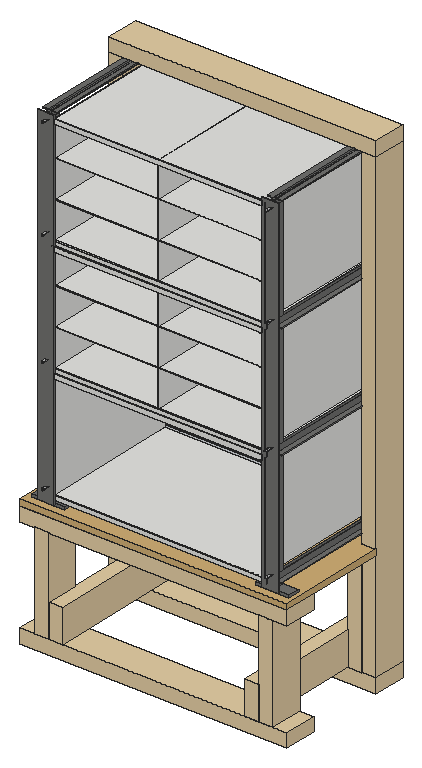
Revit family "Mailboxes_Aluminum-Data_Distribution_System-Salsbury_Industries-3_Unit_High_Wall_Installation", category Specialty Equipment, host Wall, Revit 2016 (continued)
Definition of nested family "Data Distribution Mailbox Units"
  Types (5): name | Void 2 Offset | Void 1 Offset | Visible | Top Inner Divider | Rear Overhang | Model | Horizontal Dividers 1 and 3 | Horizontal Dividers | Door Location D8 | Door Location D7 | Door Location D6 | Door Location D5 | Door Location D4 | Door Location D3 | Door Location D2 | Door Location D1 | Divider 3 | Description
    2401 | 6.200" | 6.200" | yes | yes | yes | "2401" | no | no | Data Distribution #1,2,3 Doors : None | Data Distribution #1,2,3 Doors : None | Data Distribution #4 Door : #4 Door | Data Distribution #1,2,3 Doors : None | Data Distribution #1,2,3 Doors : None | Data Distribution #1,2,3 Doors : None | Data Distribution #1,2,3 Doors : None | Data Distribution #1,2,3 Doors : None | no | "Data Distribution System - (1) #4 Door"
    2406 | 6.200" | 6.200" | yes | no | yes | "2406" | yes | no | Data Distribution #1,2,3 Doors : None | Data Distribution #1,2,3 Doors : None | Data Distribution #1,2,3 Doors : #1 Door | Data Distribution #1,2,3 Doors : #1 Door | Data Distribution #1,2,3 Doors : #1 Door | Data Distribution #1,2,3 Doors : #1 Door | Data Distribution #1,2,3 Doors : #1 Door | Data Distribution #1,2,3 Doors : #1 Door | yes | "Data Distribution System - (6) #1 Doors"
  Reference planes (in)
    plane 1 "Center (Front/Back)": y = 0
    plane 2 "Bottom": z = 0
    plane 3 "Center (Left/Right)": x = 0
    plane 4 "Left": x = -11.625
    plane 5 "Right": x = 11.625
    plane 6 "Front": y = -7.75
    plane 7 "Back": y = 7.75
    plane 8 "Vertical Center": z = 6.094
    plane 9 "Top": z = 12.188
    plane 10: y = -7.625
    plane 11 "Door Align-Back of Door": y = -7.09375
    plane 12 "Back Edge of Top Trim": y = -6.21875
    plane 13 "Front Edge of Side Panels": y = -6.8125
    plane 14 "Back Edge of Side Panels": y = 7.625
    plane 15: y = -7.563
    plane 16: y = -7.063
    plane 17 "Back Edge of Bottom Trim": y = -6.1255
    plane 18: z = 0.125
    plane 19: z = 0.0625
    plane 20 "Bottom Trim Height": z = 0.25
    plane 21 "Top Trim Height": z = 11.8755
    plane 22: z = 12.03175
    plane 23: z = 12.063
    plane 24 "Right Side Trim Alignment-Top and Bottom Trim": x = 11.25
    plane 25 "Inner Right Side of Trim": x = 11.09375
    plane 26 "Right Wall of Enclsosure": x = 11.0625
    plane 27: y = -7.5
    plane 28: y = -7.375
    plane 29 "Back Edge of Side Trim": y = -6.3125
    plane 30 "Left Side Trim Alignment-Top and Bottom Trim": x = -11.25
    plane 31 "Trop Trim Extrusion Line": y = -7.53125
    plane 32 "Left Wall of Enclosure": x = -11.0935
    plane 33 "Top Inner Trim": z = 11.7505
    plane 34: z = -0.249
    plane 35: z = 0
    plane 36: x = -11.59375
    plane 37: x = 11.625
    plane 38 "Door Divider 3": x = 0.0005
    plane 39 "Void 1": z = 6.063
    plane 40 "Void 2 Offset": y = 13.825
    plane 41 "Bottom Compartment Section-Top Plate": z = 5.907
    plane 42 "Door Divider Offset Align": x = 11.09375
    plane 43 "Void 1 Offset": z = -0.137
    plane 44 "Void 2": y = 7.625
    plane 45 "Row 2 Divider": z = 6.188
    plane 46 "Vertical Center of Back Enclosure": z = 6.063
    plane 47 "Door Align - Row 3": z = 0.5
    plane 48 "Door Align - Row 2a": z = 6.438
    plane 49 "Vertical Door Align 6": x = 11.0625
    plane 50 "OffSet Divider Line": x = -11.0935
    plane 51 "Back of Doors": y = -7.2495
    plane 52 "Row 3 Divider": z = 4.188
    plane 53 "Door Align - Row 2": z = 4.438
    plane 54 "Row 1 Divider": z = 8.126
    plane 55 "Door Align - Row 1": z = 8.376
    plane 56: z = 11.84425
    plane 57: x = -0.03125
    plane 58: y = 7.5625
    plane 59: y = 6.6875
    plane 60: y = 6.625
    plane 61: z = 0.1875
    plane 62: z = 0.0625
    plane 63: z = 11.84425
    plane 64: z = 11.81325
    plane 65: z = 11.41742
    plane 66: z = 11.38642
    plane 67: y = 7.656
    plane 68: y = 7.719
    plane 69: y = 7.594
    plane 70: x = 11.406
    plane 71: x = -11.3745
    plane 72: z = 11.6255
    plane 73: x = -11.06225
    plane 74: z = 7.876
    plane 75: z = 5.68825
    plane 76: z = 5.93825
    plane 77: z = 6.12525
    plane 78: z = 3.938
    plane 79: y = 7.719
    plane 80: y = 7.656
    plane 81: z = 5.876
    plane 82: z = 5.469
    plane 83: z = 5.438
    plane 84: z = 11.84425
    plane 85: z = 0.28125
    plane 86: x = 0.031
    plane 87: z = 8.095
    plane 88: z = 4.157
    plane 89: z = 5.907
    plane 90: z = 6.219
    plane 91: z = 5.938
    plane 92: y = 6.625
    plane 93: x = 11.03125
  Forms (in)
    Extrusion 1, solid, material <- "Trim Material", visible <- "Visible"
      sketch origin (0, 0, 0) x (0, 1, 0) y (0, 0, 1)
        loop
          line (-7.75, 11.8755) -> (-6.21875, 11.8755) -> (-6.21875, 12.03175) -> (-7.09375, 12.03175) -> (-7.09375, 12.063) -> (-7.625, 12.063) -> (-7.625, 12.188) -> (-7.75, 12.188) -> (-7.75, 11.8755)
      from -11.25 to 11.25
    Extrusion 2, solid, material <- "Trim Material", visible <- "Visible"
      sketch origin (0, 0, 0) x (0, 1, 0) y (0, 0, 1)
        loop
          line (-6.1255, 0.25) -> (-7.75, 0.25) -> (-7.75, 0.125) -> (-7.563, 0.125) -> (-7.563, 0) -> (-7.063, 0) -> (-7.063, 0.0625) -> (-6.1255, 0.0625) -> (-6.1255, 0.25)
      from -11.625 to 11.625
    Extrusion 3, solid, material <- "Trim Material", visible <- "Visible"
      sketch origin (0, 0, 6.094) x (0, -1, 0) y (1, 0, 0)
        loop
          line (7.5, 11.625) -> (7.375, 11.625) -> (7.375, 11.25) -> (6.3125, 11.25) -> (6.3125, 11.09375) -> (7.75, 11.09375) -> (7.75, 11.25) -> (7.5, 11.25) -> (7.5, 11.625)
      from -5.844 to 5.7815
    Extrusion 4, void
      sketch origin (0, 0, 0) x (1, 0, 0) y (0, 1, 0)
        loop
          line (11.625, -7.75) -> (11.625, -7.5) -> (11.25, -7.5) -> (11.25, -7.75) -> (11.625, -7.75)
      from 0 to 0.25
    Extrusion 5, solid, material <- "Trim Material", visible <- "Visible"
      sketch origin (0, 0, 6.094) x (0, -1, 0) y (1, 0, 0)
        loop
          line (7.5, -11.625) -> (7.5, -11.25) -> (7.75, -11.25) -> (7.75, -11.0935) -> (6.3125, -11.0935) -> (6.3125, -11.25) -> (7.375, -11.25) -> (7.375, -11.625) -> (7.5, -11.625)
      from -5.844 to 5.7815
    Extrusion 6, void
      sketch origin (0, 0, 0) x (-1, 0, 0) y (0, -1, 0)
        loop
          line (11.625, 7.75) -> (11.25, 7.75) -> (11.25, 7.5) -> (11.625, 7.5) -> (11.625, 7.75)
      from 0 to 0.25
    Extrusion 7, void
      sketch origin (0, 0, 0) x (0, 1, 0) y (0, 0, 1)
        loop
          line (-7.75, 11.8755) -> (-7.53125, 11.8755) -> (-7.53125, 12.03175) -> (-7.75, 12.03175) -> (-7.75, 11.8755)
      from -11.0935 to 11.09375
    Sweep 8, solid, material <- "Back Enclosure Material", visible <- "Visible"
      path origin (0, 0, 0) x (1, 0, 0) y (0, 0, 1)
        loop
          line (-11.0935, 11.8755) -> (-11.0935, 0.25) -> (11.0625, 0.25) -> (11.0625, 11.8755) -> (-11.0935, 11.8755)
      profile origin (-0.0155, 0, 11.8755) x (0, 0, 1) y (0, -1, 0)
        loop
          line (0, 7.09375) -> (-0.03125, 7.09375) -> (-0.03125, -7.625) -> (0, -7.625) -> (0, 7.09375)
    Extrusion 9, solid, material <- "Back Enclosure Material", visible <- "Rear Overhang"
      sketch origin (0, 0, 0) x (0, 1, 0) y (0, 0, 1)
        loop
          line (7.625, 11.8755) -> (7.625, 11.84425) -> (7.719, 11.84425) -> (7.719, 11.41742) -> (7.656, 11.41742) -> (7.656, 11.81325) -> (7.625, 11.81325) -> (7.625, 11.38642) -> (7.75, 11.38642) -> (7.75, 11.8755) -> (7.625, 11.8755)
      from -11.0935 to 11.03125
    Extrusion 10, solid, material <- "Back Enclosure Material", visible <- "Visible"
      sketch origin (0, 0, 0) x (0, 1, 0) y (0, 0, 1)
        loop
          line (7.625, 0.25) -> (6.625, 0.25) -> (6.625, 0.0625) -> (6.6875, 0.0625) -> (6.6875, 0.1875) -> (7.5625, 0.1875) -> (7.5625, -0.249) -> (7.625, -0.249) -> (7.625, 0.25)
      from -11.59375 to 11.625
    Extrusion 11, void
      sketch origin (0, 0, -0.137) x (0, -1, 0) y (1, 0, 0)
        loop
          line (-7.625, -11.0935) -> (7.563, -11.0935) -> (7.563, 11.09375) -> (-7.625, 11.09375) -> (-7.625, -11.0935)
      from -0.125 to 0.125
    Extrusion 12, void
      sketch origin (0, 13.825, 0) x (0, 0, -1) y (1, 0, 0)
        loop
          line (-6.438, 11.406) -> (-6.438, 11.0625) -> (-5.907, 11.0625) -> (-5.907, 11.406) -> (-6.438, 11.406)
        loop
          line (-6.438, -11.0935) -> (-6.438, -11.375) -> (-5.907, -11.375) -> (-5.907, -11.0935) -> (-6.438, -11.0935)
      from 0 to 0.031
    Extrusion 13, solid, material <- "Back Enclosure Material", visible <- "Horizontal Dividers"
      sketch origin (0, 0, -5.8595) x (0, 1, 0) y (0, 0, 1)
        loop
          line (7.625, 11.79775) -> (7.625, 12.0475) -> (7.594, 12.0475) -> (7.594, 11.7665) -> (7.719, 11.7665) -> (7.719, 11.3285) -> (7.656, 11.3285) -> (7.656, 11.7355) -> (7.625, 11.7355) -> (7.625, 11.2975) -> (7.75, 11.2975) -> (7.75, 11.79775) -> (7.625, 11.79775)
      from -11.0935 to 11.03125
    Extrusion 14, solid, material <- "Back Enclosure Material", visible <- "Horizontal Dividers"
      sketch origin (0, 0, 5.907) x (1, 0, 0) y (0, 1, 0)
        loop
          line (-11.06225, 7.625) -> (-11.06225, -7.09375) -> (11.09375, -7.09375) -> (11.09375, 7.625) -> (-11.06225, 7.625)
      from 0 to 0.031
    Extrusion 15, solid, material <- "Back Enclosure Material", visible <- "Horizontal Dividers"
      sketch origin (0, 0, 6.219) x (1, 0, 0) y (0, 1, 0)
        loop
          line (-11.06225, 7.625) -> (-11.06225, -7.09375) -> (11.03125, -7.09375) -> (11.03125, 7.625) -> (-11.06225, 7.625)
      from 0 to -0.031
    Extrusion 16, solid, material <- "Trim Material", visible <- "Horizontal Dividers"
      sketch origin (0, 0, 0) x (0, 1, 0) y (0, 0, 1)
        loop
          line (-6.3125, 5.93825) -> (-6.3125, 6.188) -> (-7.75, 6.188) -> (-7.75, 6.12525) -> (-7.53125, 6.12525) -> (-7.53125, 5.93825) -> (-6.3125, 5.93825)
      from -11.0935 to 11.09375
    Extrusion 17, solid, material <- "Back Enclosure Material", visible <- "Divider 3"
      sketch origin (0.0005, 0, 0) x (0, 0, -1) y (0, -1, 0)
        loop
          line (-11.84425, 7.09375) -> (-11.84425, -7.625) -> (-0.28125, -7.625) -> (-0.28125, 7.09375) -> (-11.84425, 7.09375)
      from 0.03175 to -0.0305
    Extrusion 18, solid, material <- "Back Enclosure Material", visible <- "Visible"
      sketch origin (11.09375, 0, 0) x (0, -1, 0) y (0, 0, 1)
        loop
          line (-7.594, 11.8755) -> (-7.625, 11.8755) -> (-7.625, 0.25) -> (-7.594, 0.25) -> (-7.594, 11.8755)
      from -0.31225 to 0.03125
    Extrusion 19, solid, visible <- "Visible"
      sketch origin (-11.0935, 0, 0) x (0, 0, -1) y (0, -1, 0)
        loop
          line (-11.8755, -7.594) -> (-11.8755, -7.625) -> (-0.25, -7.625) -> (-0.25, -7.594) -> (-11.8755, -7.594)
      from 0.281 to 0
    Extrusion 20, solid, material <- "Front Panel Material", visible <- "Visible"
      sketch origin (0, 0, 0.25) x (0, -1, 0) y (1, 0, 0)
        loop
          line (7.09375, -11.0935) -> (7.75, -11.0935) -> (7.75, 11.09375) -> (7.09375, 11.09375) -> (7.09375, -11.0935)
      from 0 to 0.25
    Extrusion 21, solid, material <- "Front Panel Material", visible <- "Horizontal Dividers"
      sketch origin (0, 0, 6.188) x (0, -1, 0) y (1, 0, 0)
        loop
          line (7.09375, -11.0935) -> (7.75, -11.0935) -> (7.75, 11.09375) -> (7.09375, 11.09375) -> (7.09375, -11.0935)
      from 0 to 0.25
    Extrusion 22, solid, material <- "Front Panel Material", visible <- "Visible"
      sketch origin (0, -7.09375, 0.03125) x (0, 0, -1) y (1, 0, 0)
        loop
          line (-11.84425, -11.06225) -> (-11.59425, -11.06225) -> (-11.59425, 11.0625) -> (-11.84425, 11.0625) -> (-11.84425, -11.06225)
      from 0 to 0.15575
    Extrusion 23, solid, material <- "Front Panel Material", visible <- "Horizontal Dividers"
      sketch origin (0, -7.09375, -5.906) x (0, 0, -1) y (1, 0, 0)
        loop
          line (-11.84425, -11.06225) -> (-11.59425, -11.06225) -> (-11.59425, 11.0625) -> (-11.84425, 11.0625) -> (-11.84425, -11.06225)
      from 0 to 0.15575
    Extrusion 24, solid, material <- "Front Panel Material", visible <- "Top Inner Divider"
      sketch origin (0, 0, 11.7505) x (1, 0, 0) y (0, 1, 0)
        loop
          line (-11.0935, -7.09375) -> (-11.0935, -7.75) -> (11.09375, -7.75) -> (11.09375, -7.09375) -> (-11.0935, -7.09375)
      from 0.28125 to 0.125
    Extrusion 25, solid, material <- "Front Panel Material", visible <- "Horizontal Dividers 1 and 3"
      sketch origin (0, 0, 4.188) x (0, -1, 0) y (1, 0, 0)
        loop
          line (7.09375, -11.0935) -> (7.75, -11.0935) -> (7.75, 11.09375) -> (7.09375, 11.09375) -> (7.09375, -11.0935)
      from 0.25 to 0
    Extrusion 26, solid, material <- "Front Panel Material", visible <- "Horizontal Dividers 1 and 3"
      sketch origin (0, -7.09375, -7.65625) x (0, 0, -1) y (1, 0, 0)
        loop
          line (-11.84425, -11.06225) -> (-11.59425, -11.06225) -> (-11.59425, 11.0625) -> (-11.84425, 11.0625) -> (-11.84425, -11.06225)
      from 0 to 0.15575
    Extrusion 27, solid, material <- "Front Panel Material", visible <- "Horizontal Dividers 1 and 3"
      sketch origin (0, -7.09375, -3.71825) x (0, 0, -1) y (1, 0, 0)
        loop
          line (-11.84425, -11.06225) -> (-11.59425, -11.06225) -> (-11.59425, 11.0625) -> (-11.84425, 11.0625) -> (-11.84425, -11.06225)
      from 0 to 0.15575
    Extrusion 28, solid, material <- "Front Panel Material", visible <- "Horizontal Dividers 1 and 3"
      sketch origin (0, 0, 8.126) x (0, -1, 0) y (1, 0, 0)
        loop
          line (7.09375, -11.0935) -> (7.75, -11.0935) -> (7.75, 11.09375) -> (7.09375, 11.09375) -> (7.09375, -11.0935)
      from 0.25 to 0
    Extrusion 29, solid, material <- "Back Enclosure Material", visible <- "Horizontal Dividers 1 and 3"
      sketch origin (0, 0, 8.126) x (0, -1, 0) y (1, 0, 0)
        loop
          line (-7.625, -11.06225) -> (7.09375, -11.06225) -> (7.09375, 11.03125) -> (-7.625, 11.03125) -> (-7.625, -11.06225)
      from 0 to -0.031
    Extrusion 30, solid, material <- "Back Enclosure Material", visible <- "Horizontal Dividers 1 and 3"
      sketch origin (0, 0, 4.188) x (0, -1, 0) y (1, 0, 0)
        loop
          line (-7.625, -11.06225) -> (7.09375, -11.06225) -> (7.09375, 11.03125) -> (-7.625, 11.03125) -> (-7.625, -11.06225)
      from 0 to -0.031
  Cuts and joins
    Extrusion 4, Extrusion 7 cuts Extrusion 1
    Extrusion 4, Extrusion 6 cuts Extrusion 2
    Extrusion 4, Extrusion 7 cuts Extrusion 3
    Extrusion 11, Extrusion 12 cuts Sweep 8
    Extrusion 11 cuts Extrusion 17
    Extrusion 12 cuts Extrusion 18
    Extrusion 12 cuts Extrusion 19
  Lines and regions (in)
    symbolic lines
      curve 1: line (-11.25, -7.2495, 12.188) -> (11.25, -7.2495, 12.188)
      curve 2: line (-11.25, -7.2495, 11.8755) -> (-11.25, -7.2495, 12.188)
      curve 3: line (11.25, -7.2495, 11.8755) -> (-11.25, -7.2495, 11.8755)
      curve 4: line (11.25, -7.2495, 12.188) -> (11.25, -7.2495, 11.8755)
      curve 5: line (-11.625, -7.2495, 11.8755) -> (-11.25, -7.2495, 11.8755)
      curve 6: line (-11.625, -7.2495, 0) -> (-11.625, -7.2495, 11.8755)
      curve 7: line (-11.0935, -7.2495, 0) -> (-11.625, -7.2495, 0)
      curve 8: line (-11.0935, -7.2495, 11.8755) -> (-11.0935, -7.2495, 0)
      curve 9: line (11.25, -7.2495, 11.8755) -> (11.625, -7.2495, 11.8755)
      curve 10: line (11.09375, -7.2495, 0.25) -> (11.09375, -7.2495, 11.8755)
      curve 11: line (11.625, -7.2495, 0.25) -> (11.09375, -7.2495, 0.25)
      curve 12: line (11.625, -7.2495, 11.8755) -> (11.625, -7.2495, 0.25)
      curve 13: line (-11.0935, -7.2495, 0.25) -> (11.09375, -7.2495, 0.25)
      curve 14: line (-11.625, -7.2495, 0) -> (-11.625, -7.2495, 0.25)
      curve 15: line (11.625, -7.2495, 0) -> (-11.625, -7.2495, 0)
      curve 16: line (11.625, -7.2495, 0.25) -> (11.625, -7.2495, 0)
      curve 17: line (-11.0935, 7.75, 0.25) -> (11.09375, 7.75, 0.25)
      curve 18: line (-11.0935, -6.21875, 0.25) -> (-11.0935, 7.75, 0.25)
      curve 19: line (11.09375, 7.75, 0.25) -> (11.09375, -6.21875, 0.25)
      curve 20: line (-11.25, -6.21875, 0.25) -> (11.25, -6.21875, 0.25)
      curve 21: line (-11.25, -7.75, 0.25) -> (-11.25, -6.21875, 0.25)
      curve 22: line (11.25, -7.75, 0.25) -> (-11.25, -7.75, 0.25)
      curve 23: line (11.25, -6.21875, 0.25) -> (11.25, -7.75, 0.25)
      curve 24: line (11.09375, 7.625, 0.25) -> (11.625, 7.625, 0.25)
      curve 25: line (11.625, 6.625, 0.25) -> (11.09375, 6.625, 0.25)
      curve 26: line (11.625, 7.625, 0.25) -> (11.625, 6.625, 0.25)
      curve 27: line (-11.59375, 7.625, 0.25) -> (-11.0935, 7.625, 0.25)
      curve 28: line (-11.59375, 6.625, 0.25) -> (-11.59375, 7.625, 0.25)
      curve 29: line (-11.0935, 6.625, 0.25) -> (-11.59375, 6.625, 0.25)
      curve 30: line (11.09375, -6.1255, 0.25) -> (11.625, -6.1255, 0.25)
      curve 31: line (11.625, -7.5, 0.25) -> (11.25, -7.5, 0.25)
      curve 32: line (11.625, -6.1255, 0.25) -> (11.625, -7.5, 0.25)
      curve 33: line (-11.625, -6.1255, 0.25) -> (-11.0935, -6.1255, 0.25)
      curve 34: line (-11.625, -7.5, 0.25) -> (-11.625, -6.1255, 0.25)
      curve 35: line (-11.25, -7.5, 0.25) -> (-11.625, -7.5, 0.25)
      curve 36: line (0.0005, -6.21875, 11.8755) -> (0.0005, 7.625, 11.8755)
      curve 37: line (0.0005, -6.21875, 0.25) -> (0.0005, -6.21875, 11.8755)
      curve 38: line (0.0005, 7.625, 0.25) -> (0.0005, -6.21875, 0.25)
      curve 39: line (0.0005, 7.625, 11.8755) -> (0.0005, 7.625, 0.25)
      curve 40: line (0.0005, -7.75, 12.188) -> (0.0005, -7.75, 0.125)
      curve 41: line (0.0005, -7.75, 12.188) -> (0.0005, -7.625, 12.188)
      curve 42: line (0.0005, -7.625, 12.188) -> (0.0005, -7.625, 12.063)
      curve 43: line (0.0005, -7.625, 12.063) -> (0.0005, -7.09375, 12.063)
      curve 44: line (0.0005, -7.09375, 12.063) -> (0.0005, -7.09375, 12.03175)
      curve 45: line (0.0005, -7.09375, 12.03175) -> (0.0005, -6.21875, 12.03175)
      curve 46: line (0.0005, -6.21875, 12.03175) -> (0.0005, -6.21875, 11.8755)
      curve 47: line (0.0005, -7.75, 0.125) -> (0.0005, -7.563, 0.125)
      curve 48: line (0.0005, -7.563, 0.125) -> (0.0005, -7.563, 0)
      curve 49: line (0.0005, -7.563, 0) -> (0.0005, -7.063, 0)
      curve 50: line (0.0005, -7.063, 0) -> (0.0005, -7.063, 0.0625)
      curve 51: line (0.0005, -7.063, 0.0625) -> (0.0005, -6.1255, 0.0625)
      curve 52: line (0.0005, -6.1255, 0.0625) -> (0.0005, -6.1255, 0.25)
  Dimensions and locks (in)
    plane 6 "Front" to plane 1 "Center (Front/Back)" to plane 7 "Back" = 7.750", 7.750"
    "Depth": plane 6 "Front" to plane 7 "Back"
    equal spacing: plane 4 "Left", plane 3 "Center (Left/Right)", plane 5 "Right"
    "Width": plane 4 "Left" to plane 5 "Right"
    equal spacing: plane 9 "Top", plane 8 "Vertical Center", plane 2 "Bottom"
    "Height": plane 9 "Top" to plane 2 "Bottom"
    plane 6 "Front" to plane 10 to plane 11 "Door Align-Back of Door" to plane 12 "Back Edge of Top Trim" = 0.125", 0.53125", 0.875"
    plane 14 "Back Edge of Side Panels" to plane 7 "Back" = 0.125"
    plane 6 "Front" to plane 13 "Front Edge of Side Panels" = 0.9375"
    plane 6 "Front" to plane 15 to plane 16 to plane 17 "Back Edge of Bottom Trim" = 0.187", 0.500", 0.9375"
    plane 18 to plane 2 "Bottom" = 0.125"
    plane 19 to plane 2 "Bottom" = 0.0625"
    plane 20 "Bottom Trim Height" to plane 2 "Bottom" = 0.250"
    plane 9 "Top" to plane 21 "Top Trim Height" = 0.3125"
    plane 22 to plane 9 "Top" = 0.15625"
    plane 23 to plane 9 "Top" = 0.125"
    plane 25 "Inner Right Side of Trim" to plane 24 "Right Side Trim Alignment-Top and Bottom Trim" to plane 5 "Right" = 0.15625", 0.375"
    plane 6 "Front" to plane 27 to plane 28 = 0.250", 0.125"
    plane 6 "Front" to plane 29 "Back Edge of Side Trim" = 1.4375"
    plane 4 "Left" to plane 30 "Left Side Trim Alignment-Top and Bottom Trim" = 0.375"
    Extrusion 3 to plane 5 "Right" = 0.375"
    plane 6 "Front" to plane 31 "Trop Trim Extrusion Line" = 0.21875"
    plane 33 "Top Inner Trim" to plane 21 "Top Trim Height" = 0.125"
    plane 34 to plane 35 to plane 20 "Bottom Trim Height" = 0.249", 0.250"
    plane 8 "Vertical Center" to plane 39 "Void 1" = 0.031"
    "Void 2 Offset": plane 14 "Back Edge of Side Panels" to plane 40 "Void 2 Offset"
    plane 32 "Left Wall of Enclosure" to plane 38 "Door Divider 3" = 11.094"
    plane 32 "Left Wall of Enclosure" to plane 26 "Right Wall of Enclsosure" = 22.156"
    "Void 1 Offset": plane 43 "Void 1 Offset" to plane 39 "Void 1"
    plane 45 "Row 2 Divider" to plane 8 "Vertical Center" = 0.094"
    plane 41 "Bottom Compartment Section-Top Plate" to plane 8 "Vertical Center" to plane 45 "Row 2 Divider" = 0.187", 0.094"
    plane 53 "Door Align - Row 2" to plane 52 "Row 3 Divider" = 0.250"
    plane 55 "Door Align - Row 1" to plane 54 "Row 1 Divider" to plane 87 = 0.250", 0.031"
    plane 56 to plane 21 "Top Trim Height" = 0.03125"
    plane 86 to plane 3 "Center (Left/Right)" to plane 57 = 0.031", 0.03125" locked
    plane 60 to plane 59 to plane 58 to plane 14 "Back Edge of Side Panels" = 0.0625", 0.875", 0.0625"
    plane 34 to plane 62 to plane 61 = 0.3115", 0.125"
    plane 66 to plane 65 to plane 64 to plane 63 to plane 21 "Top Trim Height" = 0.031", 0.39583", 0.031", 0.03125"
    plane 14 "Back Edge of Side Panels" to plane 67 to plane 68 to plane 7 "Back" = 0.031", 0.063", 0.031"
    plane 69 to plane 14 "Back Edge of Side Panels" = 0.031"
    plane 21 "Top Trim Height" to plane 72 = 0.250"
    plane 54 "Row 1 Divider" to plane 74 = 0.250"
    plane 46 "Vertical Center of Back Enclosure" to plane 76 to plane 75 = 0.12475", 0.250"
    plane 45 "Row 2 Divider" to plane 77 = 0.06275"
    plane 52 "Row 3 Divider" to plane 78 = 0.250"
    plane 44 "Void 2" to plane 80 to plane 79 to plane 7 "Back" = 0.031", 0.063", 0.031"
    plane 83 to plane 82 to plane 81 to plane 41 "Bottom Compartment Section-Top Plate" = 0.031", 0.407", 0.031"
    plane 84 to plane 21 "Top Trim Height" = 0.03125"
    plane 20 "Bottom Trim Height" to plane 85 = 0.03125"
    plane 76 to plane 41 "Bottom Compartment Section-Top Plate" = 0.03125"
    plane 90 to plane 45 "Row 2 Divider" = 0.031"
    plane 91 to plane 89 = 0.031"
    plane 92 to plane 7 "Back" = 1.125"
    plane 32 "Left Wall of Enclosure" to plane 73 = 0.03125"
    plane 93 to plane 26 "Right Wall of Enclsosure" = 0.03125"
    aligned and locked: plane 2 "Bottom" to level
    aligned and locked: Extrusion 16 to plane 25 "Inner Right Side of Trim"
    aligned and locked: plane 32 "Left Wall of Enclosure" to Extrusion 13
    aligned and locked: plane 32 "Left Wall of Enclosure" to Extrusion 9
    aligned and locked: nested 3 to plane 47 "Door Align - Row 3"
    aligned and locked: nested 2 to plane 47 "Door Align - Row 3"
    aligned and locked: nested 5 to plane 48 "Door Align - Row 2a"
    aligned and locked: nested 6 to plane 48 "Door Align - Row 2a"
    aligned and locked: nested 9 to plane 48 "Door Align - Row 2a"
    aligned and locked: Extrusion 5 to plane 50 "OffSet Divider Line"
    aligned and locked: Extrusion 10 to plane 19
    aligned and locked: plane 50 "OffSet Divider Line" to Extrusion 16
    aligned and locked: plane 51 "Back of Doors" to Extrusion 22
    aligned and locked: plane 51 "Back of Doors" to nested 3
    aligned and locked: nested 3 to plane 26 "Right Wall of Enclsosure"
    aligned and locked: nested 7 to plane 26 "Right Wall of Enclsosure"
    aligned and locked: plane 51 "Back of Doors" to nested 6
    aligned and locked: plane 51 "Back of Doors" to nested 2
    aligned and locked: plane 51 "Back of Doors" to nested 9
    aligned and locked: nested 8 to plane 53 "Door Align - Row 2"
    aligned and locked: nested 7 to plane 53 "Door Align - Row 2"
    aligned and locked: plane 51 "Back of Doors" to nested 8
    aligned and locked: plane 51 "Back of Doors" to nested 7
    aligned and locked: nested 4 to plane 26 "Right Wall of Enclsosure"
    aligned and locked: nested 4 to plane 55 "Door Align - Row 1"
    aligned and locked: nested 1 to plane 55 "Door Align - Row 1"
    aligned and locked: plane 51 "Back of Doors" to nested 4
    aligned and locked: plane 51 "Back of Doors" to nested 1
    aligned and locked: plane 26 "Right Wall of Enclsosure" to nested 9
    aligned and locked: plane 21 "Top Trim Height" to Sweep 8 sketch curve  (x2)
    aligned and locked: Sweep 8 sketch curve to plane 20 "Bottom Trim Height"
    aligned and locked: Sweep 8 sketch curve to plane 32 "Left Wall of Enclosure"
    aligned and locked: Sweep 8 sketch curve to plane 11 "Door Align-Back of Door"
    aligned and locked: plane 14 "Back Edge of Side Panels" to Sweep 8 sketch curve
    aligned and locked: plane 56 to Sweep 8 sketch curve
    aligned and locked: Extrusion 1 sketch curve to plane 21 "Top Trim Height"
    aligned and locked: plane 12 "Back Edge of Top Trim" to Extrusion 1 sketch curve
    aligned and locked: plane 22 to Extrusion 1 sketch curve
    aligned and locked: plane 11 "Door Align-Back of Door" to Extrusion 1 sketch curve
    aligned and locked: plane 23 to Extrusion 1 sketch curve
    aligned and locked: plane 10 to Extrusion 1 sketch curve
    aligned and locked: Extrusion 1 sketch curve to plane 9 "Top"
    aligned and locked: Extrusion 1 sketch curve to plane 6 "Front"
    aligned and locked: cut or joined group of Extrusion 1, Extrusion 4, Extrusion 7 to plane 24 "Right Side Trim Alignment-Top and Bottom Trim"
    aligned and locked: plane 30 "Left Side Trim Alignment-Top and Bottom Trim" to cut or joined group of Extrusion 1, Extrusion 4, Extrusion 7
    aligned and locked: Extrusion 3 sketch curve to plane 25 "Inner Right Side of Trim"
    aligned and locked: plane 6 "Front" to Extrusion 3 sketch curve
    aligned and locked: plane 24 "Right Side Trim Alignment-Top and Bottom Trim" to Extrusion 3 sketch curve  (x2)
    aligned and locked: Extrusion 3 sketch curve to plane 27
    aligned and locked: Extrusion 3 sketch curve to plane 5 "Right"
    aligned and locked: Extrusion 3 sketch curve to plane 28
    aligned and locked: plane 29 "Back Edge of Side Trim" to Extrusion 3 sketch curve
    aligned and locked: cut or joined group of Extrusion 3, Extrusion 4, Extrusion 7 to plane 21 "Top Trim Height"
    aligned and locked: plane 20 "Bottom Trim Height" to cut or joined group of Extrusion 3, Extrusion 4, Extrusion 7
    aligned and locked: Extrusion 5 sketch curve to plane 32 "Left Wall of Enclosure"
    aligned and locked: plane 29 "Back Edge of Side Trim" to Extrusion 5 sketch curve
    aligned and locked: plane 30 "Left Side Trim Alignment-Top and Bottom Trim" to Extrusion 5 sketch curve  (x2)
    aligned and locked: Extrusion 5 sketch curve to plane 28
    aligned and locked: Extrusion 5 sketch curve to plane 4 "Left"
    aligned and locked: plane 27 to Extrusion 5 sketch curve
    aligned and locked: Extrusion 5 sketch curve to plane 6 "Front"
    aligned and locked: plane 20 "Bottom Trim Height" to Extrusion 5
    aligned and locked: Extrusion 5 to plane 21 "Top Trim Height"
    aligned and locked: Extrusion 2 sketch curve to plane 20 "Bottom Trim Height"
    aligned and locked: Extrusion 2 sketch curve to plane 6 "Front"
    aligned and locked: plane 18 to Extrusion 2 sketch curve
    aligned and locked: Extrusion 2 sketch curve to plane 15
    aligned and locked: Extrusion 2 sketch curve to plane 2 "Bottom"
    aligned and locked: Extrusion 2 sketch curve to plane 16
    aligned and locked: Extrusion 2 sketch curve to plane 19
    aligned and locked: Extrusion 2 sketch curve to plane 17 "Back Edge of Bottom Trim"
    aligned and locked: plane 4 "Left" to cut or joined group of Extrusion 2, Extrusion 4, Extrusion 6
    aligned and locked: cut or joined group of Extrusion 2, Extrusion 4, Extrusion 6 to plane 5 "Right"
    aligned and locked: plane 57 to nested 1
    aligned and locked: plane 57 to nested 8
    aligned and locked: plane 58 to Extrusion 10 sketch curve
    aligned and locked: Extrusion 10 sketch curve to plane 34
    aligned and locked: plane 14 "Back Edge of Side Panels" to Extrusion 10 sketch curve
    aligned and locked: Extrusion 10 sketch curve to plane 20 "Bottom Trim Height"
    aligned and locked: plane 60 to Extrusion 10 sketch curve
    aligned and locked: plane 59 to Extrusion 10 sketch curve
    aligned and locked: plane 61 to Extrusion 10 sketch curve
    aligned and locked: plane 62 to Extrusion 10 sketch curve
    aligned and locked: Extrusion 10 to plane 5 "Right"
    aligned and locked: Extrusion 10 to plane 36
    aligned and locked: plane 66 to Extrusion 9 sketch curve
    aligned and locked: plane 65 to Extrusion 9 sketch curve
    aligned and locked: plane 64 to Extrusion 9 sketch curve
    aligned and locked: plane 63 to Extrusion 9 sketch curve
    aligned and locked: plane 67 to Extrusion 9 sketch curve
    aligned and locked: plane 14 "Back Edge of Side Panels" to Extrusion 9 sketch curve
    aligned and locked: plane 68 to Extrusion 9 sketch curve
    aligned and locked: plane 21 "Top Trim Height" to Extrusion 9 sketch curve
    aligned and locked: plane 7 "Back" to Extrusion 9 sketch curve
    aligned and locked: Extrusion 18 sketch curve to plane 20 "Bottom Trim Height"
    aligned and locked: plane 14 "Back Edge of Side Panels" to Extrusion 18 sketch curve
    aligned and locked: Extrusion 18 sketch curve to plane 69
    aligned and locked: plane 21 "Top Trim Height" to Extrusion 18 sketch curve
    aligned and locked: plane 70 to cut or joined group of Extrusion 12, Extrusion 18
    aligned and locked: plane 21 "Top Trim Height" to Extrusion 19 sketch curve
    aligned and locked: plane 14 "Back Edge of Side Panels" to Extrusion 19 sketch curve
    aligned and locked: Extrusion 19 sketch curve to plane 69
    aligned and locked: Extrusion 19 sketch curve to plane 20 "Bottom Trim Height"
    aligned and locked: cut or joined group of Extrusion 12, Extrusion 19 to plane 32 "Left Wall of Enclosure"
    aligned and locked: plane 71 to cut or joined group of Extrusion 12, Extrusion 19
    aligned and locked: Extrusion 24 sketch curve to plane 6 "Front"
    aligned and locked: plane 11 "Door Align-Back of Door" to Extrusion 24 sketch curve
    aligned and locked: Extrusion 24 sketch curve to plane 32 "Left Wall of Enclosure"
    aligned and locked: plane 25 "Inner Right Side of Trim" to Extrusion 24 sketch curve
    aligned and locked: plane 72 to Extrusion 22 sketch curve
    aligned and locked: Extrusion 22 to plane 11 "Door Align-Back of Door"
    aligned and locked: plane 11 "Door Align-Back of Door" to Extrusion 28 sketch curve
    aligned and locked: Extrusion 28 sketch curve to plane 32 "Left Wall of Enclosure"
    aligned and locked: Extrusion 28 sketch curve to plane 6 "Front"
    aligned and locked: plane 25 "Inner Right Side of Trim" to Extrusion 28 sketch curve
    aligned and locked: Extrusion 22 to plane 26 "Right Wall of Enclsosure"
    aligned and locked: plane 73 to Extrusion 22 sketch curve
    aligned and locked: plane 21 "Top Trim Height" to Extrusion 22 sketch curve
    aligned and locked: plane 26 "Right Wall of Enclsosure" to Extrusion 22 sketch curve
    aligned and locked: plane 73 to Extrusion 27 sketch curve
    aligned and locked: plane 54 "Row 1 Divider" to Extrusion 27 sketch curve
    aligned and locked: plane 26 "Right Wall of Enclsosure" to Extrusion 27 sketch curve
    aligned and locked: plane 74 to Extrusion 27 sketch curve
    aligned and locked: plane 51 "Back of Doors" to Extrusion 27
    aligned and locked: Extrusion 27 to plane 11 "Door Align-Back of Door"
    aligned and locked: plane 11 "Door Align-Back of Door" to Extrusion 21 sketch curve
    aligned and locked: Extrusion 21 sketch curve to plane 6 "Front"
    aligned and locked: Extrusion 21 sketch curve to plane 32 "Left Wall of Enclosure"
    aligned and locked: plane 25 "Inner Right Side of Trim" to Extrusion 21 sketch curve
    aligned and locked: Extrusion 21 to plane 48 "Door Align - Row 2a"
    aligned and locked: plane 45 "Row 2 Divider" to Extrusion 21
    aligned and locked: Extrusion 23 sketch curve to plane 76
    aligned and locked: Extrusion 23 sketch curve to plane 75
    aligned and locked: plane 26 "Right Wall of Enclsosure" to Extrusion 23 sketch curve
    aligned and locked: plane 73 to Extrusion 23 sketch curve
    aligned and locked: plane 76 to Extrusion 16 sketch curve
    aligned and locked: Extrusion 16 sketch curve to plane 29 "Back Edge of Side Trim"
    aligned and locked: Extrusion 16 sketch curve to plane 45 "Row 2 Divider"
    aligned and locked: plane 6 "Front" to Extrusion 16 sketch curve
    aligned and locked: plane 31 "Trop Trim Extrusion Line" to Extrusion 16 sketch curve
    aligned and locked: plane 77 to Extrusion 16 sketch curve
    aligned and locked: Extrusion 23 to plane 11 "Door Align-Back of Door"
    aligned and locked: plane 51 "Back of Doors" to Extrusion 23
    aligned and locked: plane 11 "Door Align-Back of Door" to Extrusion 25 sketch curve
    aligned and locked: Extrusion 25 sketch curve to plane 32 "Left Wall of Enclosure"
    aligned and locked: Extrusion 25 sketch curve to plane 6 "Front"
    aligned and locked: plane 25 "Inner Right Side of Trim" to Extrusion 25 sketch curve
    aligned and locked: Extrusion 25 to plane 53 "Door Align - Row 2"
    aligned and locked: plane 52 "Row 3 Divider" to Extrusion 25
    aligned and locked: plane 52 "Row 3 Divider" to Extrusion 26 sketch curve
    aligned and locked: plane 73 to Extrusion 26 sketch curve
    aligned and locked: plane 26 "Right Wall of Enclsosure" to Extrusion 26 sketch curve
    aligned and locked: plane 78 to Extrusion 26 sketch curve
    aligned and locked: Extrusion 26 to plane 11 "Door Align-Back of Door"
    aligned and locked: plane 51 "Back of Doors" to Extrusion 26
    aligned and locked: plane 11 "Door Align-Back of Door" to Extrusion 20 sketch curve
    aligned and locked: Extrusion 20 sketch curve to plane 6 "Front"
    aligned and locked: Extrusion 20 sketch curve to plane 32 "Left Wall of Enclosure"
    aligned and locked: plane 25 "Inner Right Side of Trim" to Extrusion 20 sketch curve
    aligned and locked: plane 20 "Bottom Trim Height" to Extrusion 20
    aligned and locked: Extrusion 20 to plane 47 "Door Align - Row 3"
    aligned and locked: Extrusion 13 sketch curve to plane 80
    aligned and locked: plane 79 to Extrusion 13 sketch curve
    aligned and locked: plane 7 "Back" to Extrusion 13 sketch curve
    aligned and locked: plane 69 to Extrusion 13 sketch curve
    aligned and locked: Extrusion 13 sketch curve to plane 14 "Back Edge of Side Panels"
    aligned and locked: plane 14 "Back Edge of Side Panels" to Extrusion 13 sketch curve
    aligned and locked: Extrusion 13 sketch curve to plane 45 "Row 2 Divider"
    aligned and locked: plane 76 to Extrusion 13 sketch curve
    aligned and locked: Extrusion 13 sketch curve to plane 41 "Bottom Compartment Section-Top Plate"
    aligned and locked: plane 81 to Extrusion 13 sketch curve
    aligned and locked: plane 82 to Extrusion 13 sketch curve
    aligned and locked: plane 83 to Extrusion 13 sketch curve
    aligned and locked: Extrusion 17 sketch curve to plane 84
    aligned and locked: plane 14 "Back Edge of Side Panels" to Extrusion 17 sketch curve
    aligned and locked: plane 85 to Extrusion 17 sketch curve
    aligned and locked: Extrusion 17 sketch curve to plane 11 "Door Align-Back of Door"
    aligned and locked: plane 57 to cut or joined group of Extrusion 11, Extrusion 17
    aligned and locked: cut or joined group of Extrusion 11, Extrusion 17 to plane 86
    aligned and locked: plane 14 "Back Edge of Side Panels" to Extrusion 29 sketch curve
    aligned and locked: plane 73 to Extrusion 29 sketch curve
    aligned and locked: Extrusion 29 sketch curve to plane 11 "Door Align-Back of Door"
    aligned and locked: Extrusion 29 to plane 54 "Row 1 Divider"
    aligned and locked: Extrusion 29 to plane 87
    aligned and locked: plane 73 to Extrusion 15 sketch curve
    aligned and locked: plane 14 "Back Edge of Side Panels" to Extrusion 15 sketch curve
    aligned and locked: Extrusion 15 sketch curve to plane 11 "Door Align-Back of Door"
    aligned and locked: plane 45 "Row 2 Divider" to Extrusion 15
    aligned and locked: Extrusion 15 to plane 90
    aligned and locked: plane 14 "Back Edge of Side Panels" to Extrusion 14 sketch curve
    aligned and locked: plane 73 to Extrusion 14 sketch curve
    aligned and locked: plane 25 "Inner Right Side of Trim" to Extrusion 14 sketch curve
    aligned and locked: Extrusion 14 sketch curve to plane 11 "Door Align-Back of Door"
    aligned and locked: Extrusion 14 to plane 91
    aligned and locked: Extrusion 14 to plane 89
    aligned and locked: Extrusion 30 sketch curve to plane 11 "Door Align-Back of Door"
    aligned and locked: plane 73 to Extrusion 30 sketch curve
    aligned and locked: plane 14 "Back Edge of Side Panels" to Extrusion 30 sketch curve
    aligned and locked: Extrusion 30 to plane 52 "Row 3 Divider"
    aligned and locked: Extrusion 30 to plane 88
    aligned and locked: nested 6 to plane 73
    aligned and locked: nested 2 to plane 73
    aligned and locked: plane 24 "Right Side Trim Alignment-Top and Bottom Trim" to curve 4
    aligned and locked: plane 9 "Top" to curve 1
    aligned and locked: curve 3 to plane 21 "Top Trim Height"
    aligned and locked: plane 32 "Left Wall of Enclosure" to curve 8
    aligned and locked: plane 2 "Bottom" to curve 7
    aligned and locked: curve 6 to plane 4 "Left"
    aligned and locked: plane 30 "Left Side Trim Alignment-Top and Bottom Trim" to curve 5
    aligned and locked: plane 21 "Top Trim Height" to curve 5
    aligned and locked: curve 11 to plane 20 "Bottom Trim Height"
    aligned and locked: curve 10 to plane 25 "Inner Right Side of Trim"
    aligned and locked: plane 5 "Right" to curve 12
    aligned and locked: plane 21 "Top Trim Height" to curve 10
    aligned and locked: plane 24 "Right Side Trim Alignment-Top and Bottom Trim" to curve 9
    aligned and locked: plane 2 "Bottom" to curve 15
    aligned and locked: plane 20 "Bottom Trim Height" to curve 13
    aligned and locked: plane 5 "Right" to curve 16
    aligned and locked: plane 32 "Left Wall of Enclosure" to curve 13
    aligned and locked: plane 7 "Back" to curve 17
    aligned and locked: curve 18 to plane 32 "Left Wall of Enclosure"
    aligned and locked: plane 25 "Inner Right Side of Trim" to curve 19
    aligned and locked: plane 12 "Back Edge of Top Trim" to curve 20
    aligned and locked: curve 21 to plane 30 "Left Side Trim Alignment-Top and Bottom Trim"
    aligned and locked: curve 22 to plane 6 "Front"
    aligned and locked: plane 24 "Right Side Trim Alignment-Top and Bottom Trim" to curve 23
    aligned and locked: plane 14 "Back Edge of Side Panels" to curve 24
    aligned and locked: plane 5 "Right" to curve 26
    aligned and locked: curve 25 to plane 92
    aligned and locked: plane 14 "Back Edge of Side Panels" to curve 27
    aligned and locked: curve 29 to plane 92
    aligned and locked: plane 36 to curve 28
    aligned and locked: plane 24 "Right Side Trim Alignment-Top and Bottom Trim" to curve 31
    aligned and locked: curve 31 to plane 27
    aligned and locked: plane 5 "Right" to curve 32
    aligned and locked: plane 17 "Back Edge of Bottom Trim" to curve 30
    aligned and locked: plane 30 "Left Side Trim Alignment-Top and Bottom Trim" to curve 35
    aligned and locked: plane 17 "Back Edge of Bottom Trim" to curve 33
    aligned and locked: curve 34 to plane 4 "Left"
    aligned and locked: curve 35 to plane 27
    aligned and locked: curve 38 to plane 20 "Bottom Trim Height"
    aligned and locked: plane 14 "Back Edge of Side Panels" to curve 39
    aligned and locked: plane 21 "Top Trim Height" to curve 36
    aligned and locked: curve 37 to plane 12 "Back Edge of Top Trim"
    aligned and locked: plane 6 "Front" to curve 40
    aligned and locked: curve 41 to cut or joined group of Extrusion 1, Extrusion 4, Extrusion 7
    aligned and locked: curve 42 to cut or joined group of Extrusion 1, Extrusion 4, Extrusion 7
    aligned and locked: curve 43 to cut or joined group of Extrusion 1, Extrusion 4, Extrusion 7
    aligned and locked: curve 44 to cut or joined group of Extrusion 1, Extrusion 4, Extrusion 7
    aligned and locked: curve 45 to cut or joined group of Extrusion 1, Extrusion 4, Extrusion 7
    aligned and locked: curve 46 to cut or joined group of Extrusion 1, Extrusion 4, Extrusion 7
    aligned and locked: curve 47 to cut or joined group of Extrusion 2, Extrusion 4, Extrusion 6
    aligned and locked: curve 48 to cut or joined group of Extrusion 2, Extrusion 4, Extrusion 6
    aligned and locked: curve 49 to cut or joined group of Extrusion 2, Extrusion 4, Extrusion 6
    aligned and locked: curve 50 to cut or joined group of Extrusion 2, Extrusion 4, Extrusion 6
    aligned and locked: curve 51 to cut or joined group of Extrusion 2, Extrusion 4, Extrusion 6
    aligned and locked: curve 52 to cut or joined group of Extrusion 2, Extrusion 4, Extrusion 6
    aligned and locked: plane 32 "Left Wall of Enclosure" to cut or joined group of Extrusion 1, Extrusion 4, Extrusion 7
    aligned and locked: plane 21 "Top Trim Height" to Extrusion 7
    aligned and locked: Extrusion 7 to plane 22
    aligned and locked: Extrusion 7 to plane 25 "Inner Right Side of Trim"
    aligned and locked: Extrusion 7 to plane 31 "Trop Trim Extrusion Line"
    aligned and locked: plane 6 "Front" to Extrusion 7
    aligned and locked: Extrusion 24 to plane 22
    aligned and locked: plane 21 "Top Trim Height" to Extrusion 24
    aligned and locked: plane 26 "Right Wall of Enclsosure" to Sweep 8 sketch curve
    aligned and locked: plane 26 "Right Wall of Enclsosure" to cut or joined group of Extrusion 12, Extrusion 18
    aligned and locked: plane 93 to Extrusion 30 sketch curve
    aligned and locked: plane 93 to Extrusion 15 sketch curve
    aligned and locked: plane 93 to Extrusion 29 sketch curve
    aligned and locked: Extrusion 9 to plane 93
    aligned and locked: Extrusion 13 to plane 93
  Automatic sketch dimensions
    plane 6 "Front" to Extrusion 4 sketch curve = 0.000"
    Extrusion 4 sketch curve to plane 24 "Right Side Trim Alignment-Top and Bottom Trim" = 0.000"
    Extrusion 4 sketch curve to plane 5 "Right" = 0.000"
    plane 27 to Extrusion 4 sketch curve = 0.000"
    plane 6 "Front" to Extrusion 6 sketch curve = 0.000"
    Extrusion 6 sketch curve to plane 30 "Left Side Trim Alignment-Top and Bottom Trim" = 0.000"
    Extrusion 6 sketch curve to plane 4 "Left" = 0.000"
    Extrusion 6 sketch curve to plane 27 = 0.000"
    plane 6 "Front" to Extrusion 7 sketch curve = 0.000"
    plane 22 to Extrusion 7 sketch curve = 0.000"
    Extrusion 7 sketch curve to plane 31 "Trop Trim Extrusion Line" = 0.000"
    plane 21 "Top Trim Height" to Extrusion 7 sketch curve = 0.000"
    Extrusion 9 sketch curve to plane 14 "Back Edge of Side Panels" = 0.000"
    plane 14 "Back Edge of Side Panels" to Extrusion 11 sketch curve = 0.000"
    plane 15 to Extrusion 11 sketch curve = 0.000"
    Extrusion 11 sketch curve to plane 32 "Left Wall of Enclosure" = 0.000"
    Extrusion 11 sketch curve to plane 25 "Inner Right Side of Trim" = 0.000"
    Extrusion 12 sketch curve to plane 48 "Door Align - Row 2a" = 0.000"  (x2)
    Extrusion 12 sketch curve to plane 41 "Bottom Compartment Section-Top Plate" = 0.000"  (x2)
    plane 32 "Left Wall of Enclosure" to Extrusion 12 sketch curve = 0.000"
    plane 25 "Inner Right Side of Trim" to Extrusion 12 sketch curve = 0.03125"
    plane 30 "Left Side Trim Alignment-Top and Bottom Trim" to Extrusion 12 sketch curve = 0.125"
    Extrusion 12 sketch curve to plane 24 "Right Side Trim Alignment-Top and Bottom Trim" = 0.156"
    curve 14 to plane 20 "Bottom Trim Height" = 0.000"
  Nested families (in)
    nested 1: "Data Distribution #1,2,3 Doors" at (-5.54675, -7.406, 8.376), visible <- "Visible", type <- "Door Location D1", type "#1 Door"
    nested 2: "Data Distribution #1,2,3 Doors" at (-5.54675, -7.406, 0.5), visible <- "Visible", type <- "Door Location D3", type "#1 Door"
    nested 3: "Data Distribution #1,2,3 Doors" at (5.547, -7.406, 0.5), visible <- "Visible", type <- "Door Location D6", type "#1 Door"
    nested 4: "Data Distribution #1,2,3 Doors" at (5.547, -7.406, 8.376), type <- "Door Location D2", visible <- "Visible", type "#1 Door"
    nested 5: "Data Distribution #1,2,3 Doors" at (-13.07, -7.406, 6.438), visible <- "Visible", type "None"
      with Lock Offset - Vertical 2.46429"
    nested 6: "Data Distribution #1,2,3 Doors" at (-5.54675, -7.406, 6.438), type <- "Door Location D7", visible <- "Visible", type "None"
      with Lock Offset - Vertical 2.46429"
    nested 7: "Data Distribution #1,2,3 Doors" at (5.547, -7.406, 4.438), type <- "Door Location D4", visible <- "Visible", type "#1 Door"
    nested 8: "Data Distribution #1,2,3 Doors" at (-5.54675, -7.406, 4.438), type <- "Door Location D5", visible <- "Visible", type "#1 Door"
    nested 9: "Data Distribution #1,2,3 Doors" at (5.547, -7.406, 6.438), type <- "Door Location D8", visible <- "Visible", type "None"
      with Lock Offset - Vertical 2.46429"
  Definition of nested family "Data Distribution #1,2,3 Doors"
    Parameters (values of type "#1 Door")
      Width = 11.031"
      Visible = yes
      Type Comments = "For Data DistributionMailboxes"
      Model = "#1 Door"
      Manufacturer = "Salsbury Industries"
      Mail Slot Width = 9.000"
      Mail Slot Offset - Vertical = 0.593"
      Mail Slot Offset - Horizontal = 0.329"
      Mail Slot Height [instance] = 0.751"
      Lock Offset - Vertical = 0.955"
      Lock Offset - Horizontal = 0.875"
      Lock Material = none
      Height = 3.500"
      Front Panel Material = none
      Depth = 0.313"
    Types (4): name | Width | Visible | Type Comments | Model | Mail Slot Width | Height
      #1 Door | 11.031" | yes | "For Data DistributionMailboxes" | "#1 Door" | 9.000" | 3.500"
      None | 11.031" | no | "For Data Distribution Mailboxes" | "No Door" | 9.000" | 3.500"
      #2 Door | 11.031" | yes | "For Data DistributionMailboxes" | "#1 Door" | 9.000" | 5.250"
      #3 Door | 22.125" | yes | "For Data DistributionMailboxes" | "#4 Door" | 19.500" | 5.250"
    Reference planes (in)
      plane 1 "Center (Front/Back)": y = 0
      plane 2 "Bottom of Door": z = 0
      plane 3 "Center (Left/Right)": x = 0
      plane 4 "Left Side of Door": x = -5.5155
      plane 5 "Right Side of Door": x = 5.5155
      plane 6 "Front of Door": y = -0.1565
      plane 7 "Back of Door": y = 0.1565
      plane 8 "Vertical Center": z = 1.75
      plane 9 "Top of Door": z = 3.5
      plane 10 "Mail Slot Right Edge": x = 5.1865
      plane 11 "Vertical Lock Center": x = -4.6405
      plane 12 "Front of Hinge": y = -0.344
      plane 13 "Door Face Inset Guide": y = -0.12525
      plane 14: z = 3.062
      plane 15: z = 2.031
      plane 16: z = 1.531
      plane 17: z = 0.5
      plane 18: z = 0
      plane 19: z = -1.031
      plane 20: z = -1.531
      plane 21: z = -2.562
      plane 22: z = -3.062
      plane 23: z = -4.093
      plane 24: z = -4.593
      plane 25: z = -5.624
      plane 26: z = -6.124
      plane 27: z = -7.155
      plane 28 "Mail Slot Top Edge": z = 2.907
      plane 29 "Mail Slot Bottom Edge": z = 2.156
      plane 30: x = -3.8135
      plane 31: x = 4.8105
      plane 32: x = -3.4375
      plane 33 "Lock Align - Vertical": z = 2.545
      plane 34: z = 2.545
    Forms (in)
      Extrusion 1, void
        sketch origin (0, -0.344, 5.9375) x (1, 0, 0) y (0, 0, 1)
          loop
            line (-5.5155, -3.9065) -> (5.5155, -3.9065) -> (5.5155, -2.8755) -> (-5.5155, -2.8755) -> (-5.5155, -3.9065)
          loop
            line (-5.5155, -5.4375) -> (5.5155, -5.4375) -> (5.5155, -4.4065) -> (-5.5155, -4.4065) -> (-5.5155, -5.4375)
          loop
            line (-5.5155, -6.9685) -> (5.5155, -6.9685) -> (5.5155, -5.9375) -> (-5.5155, -5.9375) -> (-5.5155, -6.9685)
          loop
            line (-5.5155, -8.4995) -> (5.5155, -8.4995) -> (5.5155, -7.4685) -> (-5.5155, -7.4685) -> (-5.5155, -8.4995)
          loop
            line (-5.5155, -10.0305) -> (5.5155, -10.0305) -> (5.5155, -8.9995) -> (-5.5155, -8.9995) -> (-5.5155, -10.0305)
          loop
            line (-5.5155, -11.5615) -> (5.5155, -11.5615) -> (5.5155, -10.5305) -> (-5.5155, -10.5305) -> (-5.5155, -11.5615)
          loop
            line (5.5155, -12.0615) -> (-5.5155, -12.0615) -> (-5.5155, -13.0925) -> (5.5155, -13.0925) -> (5.5155, -12.0615)
        from 0 to -0.21875
      Extrusion 2, solid, material <- "Front Panel Material", visible <- "Visible"
        sketch origin (5.5155, 0, 0) x (0, -1, 0) y (0, 0, 1)
          loop
            line (-0.1565, 0) -> (0.1565, 0) -> (0.1565, 3.5) -> (-0.1565, 3.5) -> (-0.1565, 0)
        from 11.031 to 0
      Extrusion 3, void
        sketch origin (0, -0.1565, 0) x (1, 0, 0) y (0, 0, 1)
          loop
            arc (4.8105, 2.156) -> (5.186, 2.5315) -> (4.8105, 2.907) r 0.3755
            line (4.8105, 2.907) -> (-3.4375, 2.907)
            arc (-3.4375, 2.907) -> (-3.813, 2.5315) -> (-3.4375, 2.156) r 0.3755
            line (-3.4375, 2.156) -> (4.8105, 2.156)
        from -0.313 to 0
      Blend 4, solid, material <- "Lock Material", visible <- "Visible"
        base sketch origin (-7.18587, -0.12525, -2.09513) x (0, 0, -1) y (1, 0, 0)
          loop
            circle (-4.6405, 2.54538) r 0.5
        top sketch origin (-7.18587, -0.12525, -2.09513) x (0, 0, -1) y (1, 0, 0)
          loop
            circle (-4.6405, 2.54537) r 0.485
        from 0 to 0.167
      Extrusion 5, void
        sketch origin (1.172, -0.29252, 0.91877) x (1, 0, 0) y (0, 0, 1)
          loop
            circle (-5.8125, 1.52223) r 0.325
        from 0 to -0.01562
      Extrusion 6, void
        sketch origin (1.17133, -0.29252, 0.97345) x (1, 0, 0) y (0, 0, 1)
          loop
            line (-5.84183, 1.65053) -> (-5.84183, 1.24505) -> (-5.78183, 1.24505) -> (-5.78183, 1.65053) -> (-5.84183, 1.65053)
        from 0 to -0.03906
      Extrusion 7, solid, material <- "Front Panel Material", visible <- "Visible"
        sketch origin (5.5155, 0, 0) x (0, -1, 0) y (0, 0, 1)
          loop
            arc (0.1565, 0) -> (0.34407, 0.25) -> (0.1565, 0.5) r 0.26039
            line (0.1565, 0.5) -> (0.1565, 0)
        from 0 to 11.031
    Cuts and joins
      Extrusion 1, Extrusion 3 cuts Extrusion 2
      Extrusion 5, Extrusion 6 cuts Blend 4
    Lines and regions (in)
      symbolic lines, visible <- "Visible"
        curve 1: line (-5.5155, -0.1565, 3.5) -> (5.5155, -0.1565, 3.5)
        curve 2: line (-5.5155, -0.1565, 0) -> (-5.5155, -0.1565, 3.5)
        curve 3: line (5.5155, -0.1565, 0) -> (-5.5155, -0.1565, 0)
        curve 4: line (5.5155, -0.1565, 3.5) -> (5.5155, -0.1565, 0)
        curve 5: circle (-4.6405, -0.1565, 2.545) r 0.48537 normal (0, -1, 0)
        curve 6: arc (-3.4375, -0.1565, 2.156) -> (-3.813, -0.1565, 2.5315) -> (-3.4375, -0.1565, 2.907) r 0.3755
        curve 7: arc (4.8105, -0.1565, 2.156) -> (5.186, -0.1565, 2.5315) -> (4.8105, -0.1565, 2.907) r 0.3755
        curve 8: line (4.8105, -0.1565, 2.907) -> (-3.4375, -0.1565, 2.907)
        curve 9: line (-3.4375, -0.1565, 2.156) -> (4.8105, -0.1565, 2.156)
    Dimensions and locks (in)
      equal spacing: plane 9 "Top of Door", plane 8 "Vertical Center", plane 2 "Bottom of Door"
      equal spacing: plane 4 "Left Side of Door", plane 3 "Center (Left/Right)", plane 5 "Right Side of Door"
      equal spacing: plane 6 "Front of Door", plane 1 "Center (Front/Back)", plane 7 "Back of Door"
      "Height": plane 9 "Top of Door" to plane 2 "Bottom of Door"
      "Width": plane 4 "Left Side of Door" to plane 5 "Right Side of Door"
      "Depth": plane 6 "Front of Door" to plane 7 "Back of Door"
      "Mail Slot Offset - Horizontal": plane 10 "Mail Slot Right Edge" to plane 5 "Right Side of Door"
      "Lock Offset - Horizontal": plane 4 "Left Side of Door" to plane 11 "Vertical Lock Center"
      plane 12 "Front of Hinge" to plane 6 "Front of Door" = 0.1875"
      plane 6 "Front of Door" to plane 13 "Door Face Inset Guide" = 0.03125"
      plane 9 "Top of Door" to plane 14 to plane 15 to plane 16 to plane 17 to plane 18 to plane 19 to plane 20 to plane 21 to plane 22 to plane 23 to plane 24 to plane 25 to plane 26 to plane 27 = 0.438" locked, 1.031" locked, 0.500" locked, 1.031" locked, 0.500" locked, 1.031" locked, 0.500" locked, 1.031" locked, 0.500" locked, 1.031" locked, 0.500" locked, 1.031" locked, 0.500" locked, 1.031" locked
      "Mail Slot Width": plane 30 to plane 10 "Mail Slot Right Edge"
      "Mail Slot Height": plane 28 "Mail Slot Top Edge" to plane 29 "Mail Slot Bottom Edge"
      plane 30 to plane 32 = 0.376"
      plane 31 to plane 10 "Mail Slot Right Edge" = 0.376"
      level to Extrusion 2 = 3.500"
      plane 28 "Mail Slot Top Edge" to plane 29 "Mail Slot Bottom Edge" = 0.751"
      "Mail Slot Offset - Vertical": plane 9 "Top of Door" to plane 28 "Mail Slot Top Edge"
      "Lock Offset - Vertical": plane 9 "Top of Door" to plane 33 "Lock Align - Vertical"
      aligned and locked: level to plane 2 "Bottom of Door"
      aligned and locked: plane 14 to Extrusion 1 sketch curve
      aligned and locked: Extrusion 1 sketch curve to plane 15
      aligned and locked: plane 16 to Extrusion 1 sketch curve
      aligned and locked: Extrusion 1 sketch curve to plane 17
      aligned and locked: plane 18 to Extrusion 1 sketch curve
      aligned and locked: Extrusion 1 sketch curve to plane 19
      aligned and locked: plane 20 to Extrusion 1 sketch curve
      aligned and locked: Extrusion 1 sketch curve to plane 21
      aligned and locked: plane 22 to Extrusion 1 sketch curve
      aligned and locked: Extrusion 1 sketch curve to plane 23
      aligned and locked: plane 24 to Extrusion 1 sketch curve
      aligned and locked: Extrusion 1 sketch curve to plane 25
      aligned and locked: Extrusion 3 sketch curve to plane 28 "Mail Slot Top Edge"
      aligned and locked: Extrusion 3 sketch curve to plane 29 "Mail Slot Bottom Edge"
      aligned and locked: plane 31 to Extrusion 3 sketch curve
      aligned and locked: plane 32 to Extrusion 3 sketch curve
      aligned and locked: plane 11 "Vertical Lock Center" to cut or joined group of Blend 4, Extrusion 5, Extrusion 6  (x2)
      aligned and locked: plane 4 "Left Side of Door" to Extrusion 1  (x5)
      aligned and locked: Extrusion 1 to plane 5 "Right Side of Door"  (x5)
      aligned and locked: plane 5 "Right Side of Door" to Extrusion 1 sketch curve
      aligned and locked: Extrusion 1 sketch curve to plane 26
      aligned and locked: Extrusion 1 sketch curve to plane 5 "Right Side of Door"
      aligned and locked: plane 27 to Extrusion 1 sketch curve
      aligned and locked: plane 4 "Left Side of Door" to Extrusion 1 sketch curve
      aligned and locked: plane 4 "Left Side of Door" to cut or joined group of Extrusion 1, Extrusion 2, Extrusion 3
      aligned and locked: plane 4 "Left Side of Door" to Extrusion 7
      aligned and locked: cut or joined group of Extrusion 1, Extrusion 2, Extrusion 3 to plane 9 "Top of Door"
      aligned and locked: plane 33 "Lock Align - Vertical" to plane 34
      aligned and locked: plane 2 "Bottom of Door" to curve 3
      aligned and locked: plane 9 "Top of Door" to curve 1
      aligned and locked: curve 2 to plane 4 "Left Side of Door"
      aligned and locked: cut or joined group of Extrusion 1, Extrusion 2, Extrusion 3 to plane 5 "Right Side of Door"
      aligned and locked: plane 29 "Mail Slot Bottom Edge" to cut or joined group of Extrusion 1, Extrusion 2, Extrusion 3
      aligned and locked: cut or joined group of Extrusion 1, Extrusion 2, Extrusion 3 to plane 28 "Mail Slot Top Edge"
      aligned and locked: plane 5 "Right Side of Door" to curve 4
    Automatic sketch dimensions
      Extrusion 5 sketch curve to Extrusion 5 sketch curve = 0.000"  (x2)
      plane 29 "Mail Slot Bottom Edge" to Extrusion 5 sketch curve = 0.040"
      Extrusion 5 sketch curve to plane 11 "Vertical Lock Center" = 0.000"
      Extrusion 5 sketch curve to Extrusion 5 sketch curve = 0.325"
      plane 11 "Vertical Lock Center" to Extrusion 6 sketch curve = 0.030"
      Extrusion 6 sketch curve to plane 11 "Vertical Lock Center" = 0.030"
      Extrusion 6 sketch curve to plane 29 "Mail Slot Bottom Edge" = 0.0625"
      Extrusion 6 sketch curve to Extrusion 6 sketch curve = 0.40549"
      plane 11 "Vertical Lock Center" to Blend 4 sketch curve = 0.000"  (x2)
      plane 28 "Mail Slot Top Edge" to Blend 4 sketch curve = 0.36163"  (x2)
      plane 4 "Left Side of Door" to Extrusion 1 sketch curve = 0.000"  (x6)
      plane 5 "Right Side of Door" to Extrusion 1 sketch curve = 0.000"  (x5)
      Extrusion 2 sketch curve to plane 7 "Back of Door" = 0.000"
      Extrusion 2 sketch curve to plane 6 "Front of Door" = 0.000"
      Extrusion 2 sketch curve to level = 0.000"
      Extrusion 2 sketch curve to plane 9 "Top of Door" = 0.000"
      Extrusion 7 sketch curve to plane 6 "Front of Door" = 0.000"
      Extrusion 7 sketch curve to level = 0.000"
      Extrusion 7 sketch curve to plane 13 "Door Face Inset Guide" = 0.04158"
      level to Extrusion 7 sketch curve = 0.250"
      plane 11 "Vertical Lock Center" to curve 5 = 0.000"
      curve 6 to plane 28 "Mail Slot Top Edge" = 0.000"
      curve 7 to plane 29 "Mail Slot Bottom Edge" = 0.000"
      curve 5 to plane 33 "Lock Align - Vertical" = 0.000"
      curve 8 to plane 30 = 0.376"
      plane 10 "Mail Slot Right Edge" to curve 8 = 0.376"
      radius of Blend 4 sketch curve = 0.500"
      radius of Blend 4 sketch curve = 0.485"
      radius of curve 5 = 0.48537"
Types (5): name | Starter and Add On Configuration (not applicable) | Starter Configuration (not applicable) | Rough Opening Width | Right RO Offset | Left RO Offset | End Column and Add On Configuration (not applicable) | Description | 2400 Series Mailbox - Location 3 | 2400 Series Mailbox - Location 2
  (no name) | yes | yes | 25.375" | 1.500" | 1.500" | yes | "3 Unit High  Installation - Single Column" | Data Distribution Mailbox Units : 2406 | Data Distribution Mailbox Units : 2406
  Starter Column-2400 Series Mailboxes-3 High | no | no | 25.375" | 0.000" | 1.500" | yes | "3 Unit High  Installation - Starter Column" | Data Distribution Mailbox Units : 2404 | Data Distribution Mailbox Units : 2404
  Right Side - Add On Column-2400 Series Mailboxes-3 High | no | yes | 23.875" | 0.000" | 0.000" | no | "3 Unit High  Installation - Add On Column" | Data Distribution Mailbox Units : 2402 | Data Distribution Mailbox Units : 2402
  Single Column Installation-2400 Series Mailboxes-3 High | yes | yes | 25.375" | 1.500" | 1.500" | yes | "3 Unit High  Installation - Single Column" | Data Distribution Mailbox Units : 2406 | Data Distribution Mailbox Units : 2406
  Right Side - End Column-2400 Series Mailboxes-3 High | yes | yes | 23.875" | 1.500" | 0.000" | no | "3 Unit High  Installation - End Column" | Data Distribution Mailbox Units : 2401 | Data Distribution Mailbox Units : 2401
